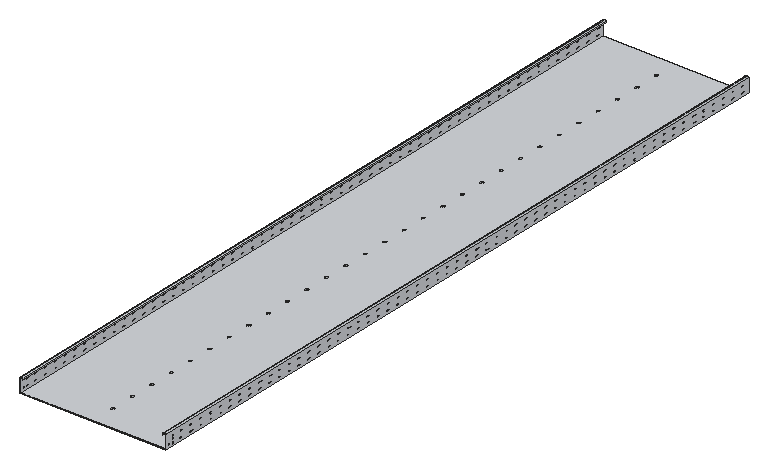
Revit family "Kabelrinne RKSM FT_615_620_630_640_650_660", category Generic Models, Revit 2017 (continued)
Dimensions and locks
  locked: cut or joined group 1 (Extrusion 1, Extrusion 5, Extrusion 8, Extrusion 10, Extrusion 11, Extrusion 13, Extrusion 14, Extrusion 15, Extrusion 16, Extrusion 17, Extrusion 18, Extrusion 19, Extrusion 20, Extrusion 21, Extrusion 22, Extrusion 23, Extrusion 24, Extrusion 25, Extrusion 26, Extrusion 27, Extrusion 28, Extrusion 29, Extrusion 30, Extrusion 31, Extrusion 32, Extrusion 33, Extrusion 34, Extrusion 35, Extrusion 36, Extrusion 37, Extrusion 38, Extrusion 39, Extrusion 40, Extrusion 41, Extrusion 42, Extrusion 43, Extrusion 44, Extrusion 45, Extrusion 46, Extrusion 47, Extrusion 48, Extrusion 49, Extrusion 50, Extrusion 51, Extrusion 52, Extrusion 53, Extrusion 54, Extrusion 55, Extrusion 56, Extrusion 57, Extrusion 58, Extrusion 59, Extrusion 60, Extrusion 61, Extrusion 62, Extrusion 63, Extrusion 64, Extrusion 65, Extrusion 66, Extrusion 67, Extrusion 68, Extrusion 69, Extrusion 70, Extrusion 71, Extrusion 72, Extrusion 73, Extrusion 74, Extrusion 75, Extrusion 76, Extrusion 77, Extrusion 78, Extrusion 79, Extrusion 80, Extrusion 81, Extrusion 82, Extrusion 83, Extrusion 84, Extrusion 85, Extrusion 86, Extrusion 87, Extrusion 88, Extrusion 89, Extrusion 90, Extrusion 91, Extrusion 92, Extrusion 93, Extrusion 94, Extrusion 95, Extrusion 96, Extrusion 97, Extrusion 98, Extrusion 99, Extrusion 100, Extrusion 101, Extrusion 102, Extrusion 103, Extrusion 104, Extrusion 105, Extrusion 106, Extrusion 107, Extrusion 108, Extrusion 109, Extrusion 110, Extrusion 111, Extrusion 112, Extrusion 113, Extrusion 114, Extrusion 115, Extrusion 116, Extrusion 117, Extrusion 118, Extrusion 119, Extrusion 120, Extrusion 121, Extrusion 122, Extrusion 123, Extrusion 124, Extrusion 125, Extrusion 126, Extrusion 127, Extrusion 128, Extrusion 129, Extrusion 130, Extrusion 131, Extrusion 132, Extrusion 133, Extrusion 134, Extrusion 135, Extrusion 136, Extrusion 137, Extrusion 138, Extrusion 139, Extrusion 140, Extrusion 141, Extrusion 142, Extrusion 143, Extrusion 144, Extrusion 145, Extrusion 146, Extrusion 147, Extrusion 148, Extrusion 149, Extrusion 150, Extrusion 151, Extrusion 152, Extrusion 153, Extrusion 154, Extrusion 155, Extrusion 156, Extrusion 157, Extrusion 158, Extrusion 159, Extrusion 160, Extrusion 161, Extrusion 162, Extrusion 163, Extrusion 164, Extrusion 165, Extrusion 166, Extrusion 167, Extrusion 168, Extrusion 169, Extrusion 170, Extrusion 171, Extrusion 172, Extrusion 173, Extrusion 174, Extrusion 175, Extrusion 176, Extrusion 177, Extrusion 178, Extrusion 179, Extrusion 180, Extrusion 181, Extrusion 182, Extrusion 183, Extrusion 184, Extrusion 185, Extrusion 186, Extrusion 187, Extrusion 188, Extrusion 189, Extrusion 190, Extrusion 191, Extrusion 192, Extrusion 193, Extrusion 194, Extrusion 195, Extrusion 196, Extrusion 197, Extrusion 198, Extrusion 199, Extrusion 200, Extrusion 201, Extrusion 202, Extrusion 203, Extrusion 204, Extrusion 205, Extrusion 206, Extrusion 207, Extrusion 208, Extrusion 209, Extrusion 210, Extrusion 211, Extrusion 212, Extrusion 213, Extrusion 214, Extrusion 215, Extrusion 216, Extrusion 217, Extrusion 218, Extrusion 219, Extrusion 220, Extrusion 221, Extrusion 222, Extrusion 223, Extrusion 224, Extrusion 225, Extrusion 226, Extrusion 227, Extrusion 228, Extrusion 229, Extrusion 230, Extrusion 231, Extrusion 232, Extrusion 233, Extrusion 234, Extrusion 235, Extrusion 236, Extrusion 237, Extrusion 238, Extrusion 239, Extrusion 240, Extrusion 241, Extrusion 242, Extrusion 243, Extrusion 244, Extrusion 245, Extrusion 246, Extrusion 247, Extrusion 248, Extrusion 249, Extrusion 250, Extrusion 251, Extrusion 252, Extrusion 253, Extrusion 254, Extrusion 255, Extrusion 256, Extrusion 257, Extrusion 258, Extrusion 259, Extrusion 260, Extrusion 261, Extrusion 262, Extrusion 263, Extrusion 264, Extrusion 265, Extrusion 266, Extrusion 267, Extrusion 268, Extrusion 269, Extrusion 270, Extrusion 271, Extrusion 272, Extrusion 273, Extrusion 274, Extrusion 275, Extrusion 276, Extrusion 277) to Extrusion 271 sketch curve at 28
  locked: cut or joined group 1 to Extrusion 271 sketch curve at 43
  locked: cut or joined group 1 to Extrusion 272 sketch curve at 34
  locked: Extrusion 272 sketch curve to Extrusion 272 sketch curve at 7
  locked: cut or joined group 1 to Extrusion 272 sketch curve at 28
  locked: cut or joined group 1 to Extrusion 272 sketch curve at 43
  Extrusion 272 sketch curve to cut or joined group 1 = 18 mm
  locked: cut or joined group 1 to cut or joined group 1 at 1  (x8)
  locked: cut or joined group 1 to Extrusion 273 sketch curve at 9
  locked: Extrusion 273 sketch curve to Extrusion 273 sketch curve at 7
  locked: Extrusion 273 sketch curve to cut or joined group 1 at 8
  Extrusion 273 sketch curve to cut or joined group 1 = 23 mm
  locked: plane 16 to plane 15 at 1
  locked: plane 17 to plane 18 at 1
  locked: cut or joined group 1 to Extrusion 274 sketch curve at 9
  locked: Extrusion 274 sketch curve to Extrusion 274 sketch curve at 7
  locked: Extrusion 274 sketch curve to cut or joined group 1 at 28
  locked: Extrusion 274 sketch curve to cut or joined group 1 at 43
  locked: plane 19 to plane 20 at 1
